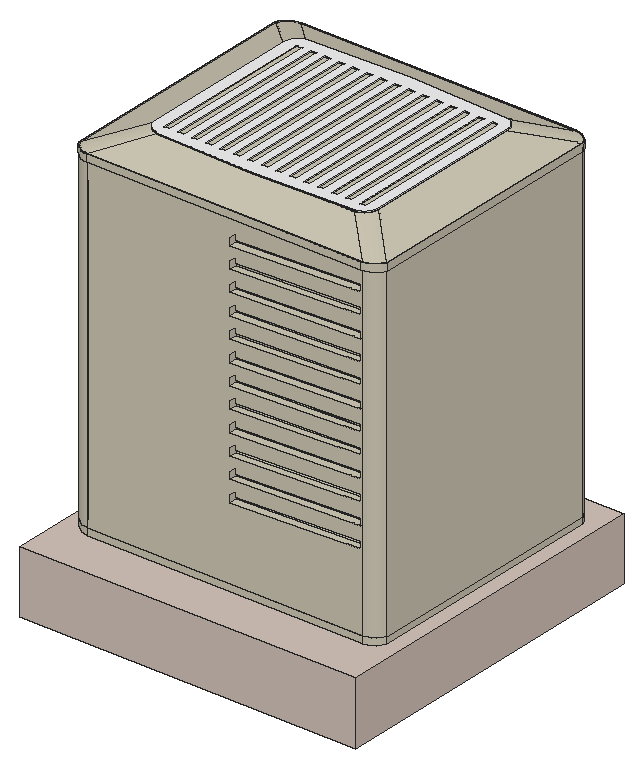
Revit family "HVAC-Condenser_Res", category Mechanical Equipment, Revit 2026
Family settings
  Round Connector Dimension = Use Diameter
  Part Type = Normal
  Classification Number = 23.75.10.24.21.11
  Work Plane-Based = Yes
  Always vertical = Yes
  Cut with Voids When Loaded = No
  Maintain Annotation Orientation = No
  Shared = No
  Room Calculation Point = No
Parameters (values of type "1 Ton")
  Width = 2' - 0"
  Warranty Duration (Years) = 10
  Test Data = ""
  Specification = "http://www.arcat.com/divs/sec/sec15670.shtml"
  Sound Level (dB) = 60
  Sales Information = ""
  SEER Rating = 15
  Riser Material [instance] = ARCAT - Concrete - Cast In Place
  Riser Height = 0' - 4 1/2"
  Refrigerant = ARCAT - Refrigerant - R 410A
  Product Properties = "http://www.arcat.com/bim/bim_info.pl?fn=HVAC-Condenser_Res"
  Product Data = "http://www.arcat.com/divs/sec/sec15670.shtml"
  Model = "Generic"  # constant formula
  Manufacturer Website = "http://www.arcat.com/"
  Manufacturer Phone - Toll Free = ""
  Manufacturer Phone = "(203) 929-9444"  # constant formula
  Manufacturer Fax = "(203) 939-2444"  # constant formula
  Manufacturer Email = "bim@arcat.com"  # constant formula
  Manufacturer Address = "1077 Bridgeport Ave, Shelton, CT  06484"  # constant formula
  Manufacturer = "Generic"  # constant formula
  Maintenance Schedule (Months) = 12
  Keynote = "15670"
  Intake Material = ARCAT - Steel Rod - Chrome Plated
  Installation_Fabricaton = ""
  Installation Phase = ""
  Height = 2' - 6"
  Green Building-LEED = "http://www.arcat.com/green/green_building.shtml"
  Expected Lifespan (Years) = 15
  Drawn By = "Robert S. Weygant. CSI, CDT, SCIP"  # constant formula
  Description = "Residential HVAC Condensing Unit - 1 Ton"
  Depth = 2' - 0"
  Default Elevation = 4' - 0"
  Copyright = "2008, ARCAT, Inc."  # constant formula
  Cooling Capacity [instance] = 1
  Construction Details = "http://www.arcat.com/divs/sec/sec15670.shtml"
  Compressor Type = "Scroll"
  Case Material = ARCAT - Metal - Aluminum - Tan
  Building Codes = ""
  Assembly Code = "D3030"
Types (5): name | Description | Cooling Capacity
  (no name) | "Residential HVAC Condensing Unit - 1 Ton" | 1
  1 Ton | "Residential HVAC Condensing Unit - 1 Ton" | 1
  1.5 Ton | "Residential HVAC Condensing Unit - 1.5 Ton" | 1.5
  2 Ton | "Residential HVAC Condensing Unit - 2 Ton" | 2
  3 Ton | "Residential HVAC Condensing Unit - 3 Ton" | 3
Reference planes (in)
  plane 1 "Center (Front/Back)": y = 0
  plane 2: z = 0
  plane 3 "Center (Left/Right)": x = 0.0408
  plane 4 "Connection Level": z = 25.60938
  plane 5 "Connection Plane": y = 11.09733
Forms (in)
  Extrusion 1, solid, material "ARCAT - Metal - Aluminum - Tan" <- "Case Material"
    sketch origin (-11, -10, 0) x (1, 0, 0) y (0, 1, 0)
      loop
        line (22, 1.24041) -> (22, 18.75959)
        arc (22, 18.75959) -> (21.54702, 19.29606) -> (20.88797, 19.53824) r 1.37227
        arc (20.88797, 19.53824) -> (11.04092, 20) -> (1.19362, 19.54344) r 105.82231
        arc (1.19362, 19.54344) -> (0.48682, 19.31901) -> (0, 18.75959) r 1.37227
        line (0, 18.75959) -> (0, 1.24041)
        arc (0, 1.24041) -> (0.48682, 0.68099) -> (1.19362, 0.45656) r 1.37227
        arc (1.19362, 0.45656) -> (11.04092, 0) -> (20.88797, 0.46176) r 105.82231
        arc (20.88797, 0.46176) -> (21.54702, 0.70394) -> (22, 1.24041) r 1.37227
    from 0 to 0.5
  Extrusion 2, solid, material "ARCAT - Metal - Aluminum - Tan" <- "Case Material"
    sketch origin (-11, -10, 0.5) x (1, 0, 0) y (0, 1, 0)
      loop
        line (22, 1.24041) -> (22, 18.75959)
        arc (22, 18.75959) -> (21.54702, 19.29606) -> (20.88797, 19.53824) r 1.37227
        arc (20.88797, 19.53824) -> (11.04092, 20) -> (1.19362, 19.54344) r 105.82231
        arc (1.19362, 19.54344) -> (0.48682, 19.31901) -> (0, 18.75959) r 1.37227
        line (0, 18.75959) -> (0, 1.24041)
        arc (0, 1.24041) -> (0.48682, 0.68099) -> (1.19362, 0.45656) r 1.37227
        arc (1.19362, 0.45656) -> (11.04092, 0) -> (20.88797, 0.46176) r 105.82231
        arc (20.88797, 0.46176) -> (21.54702, 0.70394) -> (22, 1.24041) r 1.37227
      loop
        arc (1.22367, 0.95592) -> (11.03258, 0.5) -> (20.84131, 0.95958) r 105.32231
        arc (20.84131, 0.95958) -> (21.21826, 1.0859) -> (21.5, 1.36638) r 0.87227
        line (21.5, 1.36638) -> (21.5, 18.63362)
        arc (21.5, 18.63362) -> (21.21826, 18.9141) -> (20.84131, 19.04042) r 0.87227
        arc (20.84131, 19.04042) -> (11.03258, 19.5) -> (1.22367, 19.04408) r 105.32231
        arc (1.22367, 19.04408) -> (0.80975, 18.93068) -> (0.5, 18.63362) r 0.87227
        line (0.5, 18.63362) -> (0.5, 1.36638)
        arc (0.5, 1.36638) -> (0.80975, 1.06932) -> (1.22367, 0.95592) r 0.87227
    from 0 to 24
  Blend 3, solid, material "ARCAT - Metal - Aluminum - Tan" <- "Case Material"
    base sketch origin (0, 0, 24.5) x (1, 0, 0) y (0, 1, 0)
      loop
        arc (9.88797, -9.53824) -> (10.54702, -9.29606) -> (11, -8.75959) r 1.37227
        line (11, -8.75959) -> (11, 8.75959)
        arc (11, 8.75959) -> (10.51587, 9.30006) -> (9.83232, 9.54344) r 1.47139
        arc (9.83232, 9.54344) -> (0.01297, 10) -> (-9.80638, 9.54344) r 105.82231
        arc (-9.80638, 9.54344) -> (-10.51318, 9.31901) -> (-11, 8.75959) r 1.37227
        line (-11, 8.75959) -> (-11, -8.75959)
        arc (-11, -8.75959) -> (-10.5318, -9.29621) -> (-9.86203, -9.53824) r 1.42085
        arc (-9.86203, -9.53824) -> (0.01297, -10) -> (9.88797, -9.53824) r 105.82231
    top sketch origin (0, 0, 24.5) x (1, 0, 0) y (0, 1, 0)
      loop
        arc (-7.1365, 6.75114) -> (-7.75387, 6.41701) -> (-8, 5.75959) r 1.00104
        line (-8, 5.75959) -> (-8, -5.75959)
        arc (-8, -5.75959) -> (-7.75387, -6.41701) -> (-7.1365, -6.75114) r 1.00104
        arc (-7.1365, -6.75114) -> (-0.01759, -7) -> (7.10146, -6.75537) r 102.82231
        arc (7.10146, -6.75537) -> (7.74216, -6.43022) -> (8, -5.75959) r 1.00104
        line (8, -5.75959) -> (8, 5.75959)
        arc (8, 5.75959) -> (7.74216, 6.43022) -> (7.10146, 6.75537) r 1.00104
        arc (7.10146, 6.75537) -> (-0.01759, 7) -> (-7.1365, 6.75114) r 102.82231
    from 0 to 1
  Extrusion 4, solid, material "ARCAT - Metal - Brass"
    sketch origin (-18.22449, 11.09733, -6.75216) x (0, 0, -1) y (1, 0, 0)
      loop
        circle (-8.37716, 10.09733) r 0.34469
    from 0 to 1.5
  Extrusion 5, solid, material "ARCAT - Metal - Brass"
    sketch origin (3.72017, 9.65983, -6.75216) x (0, 0, -1) y (-1, 0, 0)
      loop
        circle (-8.37716, 10.09733) r 0.25
    from 0 to 1.4375
  Extrusion 6, solid, material "ARCAT - Metal - Aluminum - Tan" <- "Case Material"
    sketch origin (-0.01533, 10.19777, 0) x (0.998259, 0.058976, 0) y (0, 0, 1)
      loop
        arc (-8.80893, 2.93212) -> (-8.9857, 2.85889) -> (-9.05893, 2.68212) r 0.25
        line (-9.05893, 2.68212) -> (-9.05893, 0.75)
        arc (-9.05893, 0.75) -> (-8.9857, 0.57322) -> (-8.80893, 0.5) r 0.25
        line (-8.80893, 0.5) -> (-5.68118, 0.5)
        arc (-5.68118, 0.5) -> (-5.5044, 0.57322) -> (-5.43118, 0.75) r 0.25
        line (-5.43118, 0.75) -> (-5.43118, 2.68212)
        arc (-5.43118, 2.68212) -> (-5.5044, 2.85889) -> (-5.68118, 2.93212) r 0.25
        line (-5.68118, 2.93212) -> (-8.80893, 2.93212)
    from 0 to 0.0625
  Extrusion 7, solid, material "ARCAT - Metal - Aluminum - Tan" <- "Case Material"
    sketch origin (0, 0, 24) x (1, 0, 0) y (0, 1, 0)
      loop
        arc (-11, -8.75959) -> (-10.51318, -9.31901) -> (-9.80638, -9.54344) r 1.37227
        arc (-9.80638, -9.54344) -> (0, -10.00001) -> (9.80638, -9.54344) r 105.54253
        arc (9.80638, -9.54344) -> (10.51318, -9.31901) -> (11, -8.75959) r 1.37227
        line (11, -8.75959) -> (11, 8.75959)
        arc (11, 8.75959) -> (10.51318, 9.31901) -> (9.80638, 9.54344) r 1.37227
        arc (9.80638, 9.54344) -> (0, 10.00001) -> (-9.80638, 9.54344) r 105.54253
        arc (-9.80638, 9.54344) -> (-10.51318, 9.31901) -> (-11, 8.75959) r 1.37227
        line (-11, 8.75959) -> (-11, -8.75959)
      loop
        arc (-9.81036, 9.60584) -> (-10.55419, 9.36682) -> (-11.0625, 8.77349) r 1.43477
        line (-11.0625, 8.77349) -> (-11.0625, -8.77349)
        arc (-11.0625, -8.77349) -> (-10.55419, -9.36682) -> (-9.81036, -9.60584) r 1.43477
        arc (-9.81036, -9.60584) -> (0, -10.06251) -> (9.81036, -9.60584) r 105.60503
        arc (9.81036, -9.60584) -> (10.55419, -9.36682) -> (11.0625, -8.77349) r 1.43477
        line (11.0625, -8.77349) -> (11.0625, 8.77349)
        arc (11.0625, 8.77349) -> (10.55419, 9.36682) -> (9.81036, 9.60584) r 1.43477
        arc (9.81036, 9.60584) -> (0, 10.06251) -> (-9.81036, 9.60584) r 105.60503
    from 0 to 0.5
  Extrusion 8, solid, material "ARCAT - Steel Rod - Chrome Plated" <- "Intake Material"
    sketch origin (0, 0, 25.54687) x (1, 0, 0) y (0, 1, 0)
      loop
        line (-8, 5.75959) -> (-8, -5.75959)
        arc (-8, -5.75959) -> (-7.73425, -6.43837) -> (-7.07828, -6.75628) r 0.99974
        arc (-7.07828, -6.75628) -> (-3.53943, -6.88631) -> (0, -6.99946) r 742.17795
        arc (0, -6.99946) -> (3.55102, -6.88591) -> (7.10146, -6.75537) r 742.17795
        arc (7.10146, -6.75537) -> (7.74216, -6.43022) -> (8, -5.75959) r 1.00104
        line (8, -5.75959) -> (8, 5.75959)
        arc (8, 5.75959) -> (7.74216, 6.43022) -> (7.10146, 6.75537) r 1.00104
        arc (7.10146, 6.75537) -> (3.55102, 6.88591) -> (0, 6.99946) r 742.17795
        arc (0, 6.99946) -> (-3.53943, 6.88631) -> (-7.07828, 6.75628) r 742.17795
        arc (-7.07828, 6.75628) -> (-7.73425, 6.43837) -> (-8, 5.75959) r 0.99974
      loop
        line (-7.17519, 5.88768) -> (-7.17519, -6.00959) -> (-6.74322, -6.00959) -> (-6.74322, 5.88768) -> (-7.17519, 5.88768)
      loop
        line (-6.17519, 5.88768) -> (-6.17519, -6.00959) -> (-5.74322, -6.00959) -> (-5.74322, 5.88768) -> (-6.17519, 5.88768)
      loop
        line (-5.17519, 5.88768) -> (-5.17519, -6.00959) -> (-4.74322, -6.00959) -> (-4.74322, 5.88768) -> (-5.17519, 5.88768)
      loop
        line (-4.17519, 5.88768) -> (-4.17519, -6.00959) -> (-3.74322, -6.00959) -> (-3.74322, 5.88768) -> (-4.17519, 5.88768)
      loop
        line (-3.17519, 5.88768) -> (-3.17519, -6.00959) -> (-2.74322, -6.00959) -> (-2.74322, 5.88768) -> (-3.17519, 5.88768)
      loop
        line (-2.17519, 5.88768) -> (-2.17519, -6.00959) -> (-1.74322, -6.00959) -> (-1.74322, 5.88768) -> (-2.17519, 5.88768)
      loop
        line (-1.17519, 5.88768) -> (-1.17519, -6.00959) -> (-0.74322, -6.00959) -> (-0.74322, 5.88768) -> (-1.17519, 5.88768)
      loop
        line (-0.17519, 5.88768) -> (-0.17519, -6.00959) -> (0.25678, -6.00959) -> (0.25678, 5.88768) -> (-0.17519, 5.88768)
      loop
        line (0.82481, 5.88768) -> (0.82481, -6.00959) -> (1.25678, -6.00959) -> (1.25678, 5.88768) -> (0.82481, 5.88768)
      loop
        line (1.82481, 5.88768) -> (1.82481, -6.00959) -> (2.25678, -6.00959) -> (2.25678, 5.88768) -> (1.82481, 5.88768)
      loop
        line (2.82481, 5.88768) -> (2.82481, -6.00959) -> (3.25678, -6.00959) -> (3.25678, 5.88768) -> (2.82481, 5.88768)
      loop
        line (3.82481, 5.88768) -> (3.82481, -6.00959) -> (4.25678, -6.00959) -> (4.25678, 5.88768) -> (3.82481, 5.88768)
      loop
        line (4.82481, 5.88768) -> (4.82481, -6.00959) -> (5.25678, -6.00959) -> (5.25678, 5.88768) -> (4.82481, 5.88768)
      loop
        line (5.82481, 5.88768) -> (5.82481, -6.00959) -> (6.25678, -6.00959) -> (6.25678, 5.88768) -> (5.82481, 5.88768)
      loop
        line (6.82481, 5.88768) -> (6.82481, -6.00959) -> (7.25678, -6.00959) -> (7.25678, 5.88768) -> (6.82481, 5.88768)
    from 0 to 0.0625
  Extrusion 9, solid, material "ARCAT - Concrete - Cast In Place" <- "Riser Material"
    sketch origin (0, 0, -4.5) x (1, 0, 0) y (0, 1, 0)
      loop
        line (-11.9592, 11.09733) -> (-11.9592, -12.90267) -> (12.0408, -12.90267) -> (12.0408, 11.09733) -> (-11.9592, 11.09733)
    from 0 to 4.5 <- "Riser Height"
  Extrusion 10, void
    sketch origin (0, -9.24676, 0) x (0, 0, -1) y (-1, 0, 0)
      loop
        line (-23.0254, -0.7469) -> (-23.0254, -9.7469) -> (-22.5254, -9.7469) -> (-22.5254, -0.7469) -> (-23.0254, -0.7469)
    from -1.29389 to 4.5
  Extrusion 11, void
    sketch origin (0, -9.24676, -1.5) x (0, 0, -1) y (-1, 0, 0)
      loop
        line (-23.0254, -0.7469) -> (-23.0254, -9.7469) -> (-22.5254, -9.7469) -> (-22.5254, -0.7469) -> (-23.0254, -0.7469)
    from -1.29389 to 4.5
  Extrusion 12, void
    sketch origin (0, -9.24676, -3) x (0, 0, -1) y (-1, 0, 0)
      loop
        line (-23.0254, -0.7469) -> (-23.0254, -9.7469) -> (-22.5254, -9.7469) -> (-22.5254, -0.7469) -> (-23.0254, -0.7469)
    from -1.29389 to 4.5
  Extrusion 13, void
    sketch origin (0, -9.24676, -4.5) x (0, 0, -1) y (-1, 0, 0)
      loop
        line (-23.0254, -0.7469) -> (-23.0254, -9.7469) -> (-22.5254, -9.7469) -> (-22.5254, -0.7469) -> (-23.0254, -0.7469)
    from -1.29389 to 4.5
  Extrusion 14, void
    sketch origin (0, -9.24676, -6) x (0, 0, -1) y (-1, 0, 0)
      loop
        line (-23.0254, -0.7469) -> (-23.0254, -9.7469) -> (-22.5254, -9.7469) -> (-22.5254, -0.7469) -> (-23.0254, -0.7469)
    from -1.29389 to 4.5
  Extrusion 15, void
    sketch origin (0, -9.24676, -7.5) x (0, 0, -1) y (-1, 0, 0)
      loop
        line (-23.0254, -0.7469) -> (-23.0254, -9.7469) -> (-22.5254, -9.7469) -> (-22.5254, -0.7469) -> (-23.0254, -0.7469)
    from -1.29389 to 4.5
  Extrusion 16, void
    sketch origin (0, -9.24676, -9) x (0, 0, -1) y (-1, 0, 0)
      loop
        line (-23.0254, -0.7469) -> (-23.0254, -9.7469) -> (-22.5254, -9.7469) -> (-22.5254, -0.7469) -> (-23.0254, -0.7469)
    from -1.29389 to 4.5
  Extrusion 17, void
    sketch origin (0, -9.24676, -10.5) x (0, 0, -1) y (-1, 0, 0)
      loop
        line (-23.0254, -0.7469) -> (-23.0254, -9.7469) -> (-22.5254, -9.7469) -> (-22.5254, -0.7469) -> (-23.0254, -0.7469)
    from -1.29389 to 4.5
  Extrusion 18, void
    sketch origin (0, -9.24676, -12) x (0, 0, -1) y (-1, 0, 0)
      loop
        line (-23.0254, -0.7469) -> (-23.0254, -9.7469) -> (-22.5254, -9.7469) -> (-22.5254, -0.7469) -> (-23.0254, -0.7469)
    from -1.29389 to 4.5
  Extrusion 19, void
    sketch origin (0, -9.24676, -13.5) x (0, 0, -1) y (-1, 0, 0)
      loop
        line (-23.0254, -0.7469) -> (-23.0254, -9.7469) -> (-22.5254, -9.7469) -> (-22.5254, -0.7469) -> (-23.0254, -0.7469)
    from -1.29389 to 4.5
  Extrusion 20, void
    sketch origin (0, -9.24676, -15) x (0, 0, -1) y (-1, 0, 0)
      loop
        line (-23.0254, -0.7469) -> (-23.0254, -9.7469) -> (-22.5254, -9.7469) -> (-22.5254, -0.7469) -> (-23.0254, -0.7469)
    from -1.29389 to 4.5
  Extrusion 21, void
    sketch origin (0, -9.24676, -16.5) x (0, 0, -1) y (-1, 0, 0)
      loop
        line (-23.0254, -0.7469) -> (-23.0254, -9.7469) -> (-22.5254, -9.7469) -> (-22.5254, -0.7469) -> (-23.0254, -0.7469)
    from -1.29389 to 4.5
Cuts and joins
  Extrusion 10, Extrusion 11, Extrusion 12, Extrusion 13, Extrusion 14, Extrusion 15, Extrusion 16, Extrusion 17, Extrusion 18, Extrusion 19, Extrusion 20, Extrusion 21 cuts Extrusion 2
Dimensions and locks (in)
  "Riser Height": plane 2 to level
  "Depth": Extrusion 9 to Extrusion 9
  "Width": Extrusion 9 to Extrusion 9
  equal spacing: Extrusion 9, plane 3 "Center (Left/Right)", Extrusion 9
  equal spacing: group 1, group 2, group 3, group 4, group 5, group 6, group 7, group 8, group 9, group 10, group 11, group 12  (x2)
  equal spacing: group 12, group 11, group 10, group 9, group 8, group 7, group 6, group 5, group 4, group 3, group 2, group 1
  aligned and locked: Extrusion 4 to Extrusion 5
  aligned and locked: plane 5 "Connection Plane" to Extrusion 4  (x2)
  aligned and locked: Extrusion 5 to plane 5 "Connection Plane"
  aligned and locked: Extrusion 1 to plane 2
Automatic sketch dimensions
  Extrusion 1 sketch curve to Extrusion 1 sketch curve = 0' - 1.19362"  (x2)
  Extrusion 1 sketch curve to Extrusion 1 sketch curve = 0' - 0.04646"
  Extrusion 1 sketch curve to Extrusion 1 sketch curve = 0' - 1.24008"  (x2)
  Extrusion 1 sketch curve to Extrusion 1 sketch curve = 0' - 0.12806"  (x2)
  Extrusion 1 sketch curve to Extrusion 1 sketch curve = 0' - 0"  (x2)
  Extrusion 1 sketch curve to Extrusion 1 sketch curve = 0' - 1.11203"
  Extrusion 1 sketch curve to Extrusion 1 sketch curve = 0' - 0.58763"
  Extrusion 1 sketch curve to Extrusion 1 sketch curve = 7' - 2.27887"
  Extrusion 1 sketch curve to Extrusion 1 sketch curve = 0' - 1.37148"
  Blend 3 sketch curve to Blend 3 sketch curve = 0' - 1.13797"
  Blend 3 sketch curve to Blend 3 sketch curve = 0' - 0"  (x3)
  Blend 3 sketch curve to Blend 3 sketch curve = 0' - 1.19362"
  Blend 3 sketch curve to Blend 3 sketch curve = 0' - 0.04646"
  Blend 3 sketch curve to Blend 3 sketch curve = 0' - 1.27056"
  Blend 3 sketch curve to Blend 3 sketch curve = 0' - 0.13653"
  Blend 3 sketch curve to Blend 3 sketch curve = 0' - 0.12806"
  Blend 3 sketch curve to Blend 3 sketch curve = 0' - 1.16768"
  Blend 3 sketch curve to Blend 3 sketch curve = 7' - 2.28407"
  Blend 3 sketch curve to Blend 3 sketch curve = 0' - 0.8635"  (x2)
  Blend 3 sketch curve to Blend 3 sketch curve = 0' - 1.00104"  (x3)
  Blend 3 sketch curve to Blend 3 sketch curve = 0' - 0.1025"  (x2)
  Blend 3 sketch curve to Blend 3 sketch curve = 0' - 0.99155"  (x2)
  Extrusion 6 sketch curve to Extrusion 6 sketch curve = 0' - 0 1/4"  (x3)
  Extrusion 6 sketch curve to Extrusion 6 sketch curve = 0' - 3.12775"
  Extrusion 6 sketch curve to Extrusion 6 sketch curve = 0' - 0"
  Extrusion 6 sketch curve to Extrusion 6 sketch curve = 0' - 1.93212"
  Extrusion 7 sketch curve to Extrusion 7 sketch curve = 0' - 0"  (x24)
  Extrusion 7 sketch curve to Extrusion 7 sketch curve = 0' - 0.04646"  (x4)
  Extrusion 7 sketch curve to Extrusion 7 sketch curve = 0' - 0.00399"  (x4)
  Extrusion 7 sketch curve to Extrusion 7 sketch curve = 0' - 1.24008"  (x3)
  Extrusion 7 sketch curve to Extrusion 7 sketch curve = 0' - 0 1/16"  (x2)
  Extrusion 7 sketch curve to Extrusion 7 sketch curve = 0' - 0.58763"  (x2)
  Extrusion 7 sketch curve to Extrusion 7 sketch curve = 0' - 0.01389"  (x2)
  Extrusion 7 sketch curve to Extrusion 7 sketch curve = 7' - 1.93668"  (x2)
  Extrusion 1 sketch curve to Extrusion 1 sketch curve = 0' - 9.81935"  (x2)
  Extrusion 1 sketch curve to Extrusion 1 sketch curve = 1' - 7.51983"
  Extrusion 1 sketch curve to Extrusion 1 sketch curve = 0' - 0.0052"
  Extrusion 1 sketch curve to Extrusion 1 sketch curve = 1' - 4.34393"
  Blend 3 sketch curve to Blend 3 sketch curve = 0' - 9.81935"
  Blend 3 sketch curve to Blend 3 sketch curve = 0' - 9 7/8"
  Blend 3 sketch curve to Blend 3 sketch curve = 1' - 7.4557"
  Blend 3 sketch curve to Blend 3 sketch curve = 0' - 1.24008"
  Blend 3 sketch curve to Blend 3 sketch curve = 0' - 0.77865"
  Blend 3 sketch curve to Blend 3 sketch curve = 1' - 4.25036"
  Blend 3 sketch curve to Blend 3 sketch curve = 0' - 1.37148"
  Blend 3 sketch curve to Blend 3 sketch curve = 0' - 7.14947"  (x2)
  Blend 3 sketch curve to Blend 3 sketch curve = 1' - 1.99791"
  Blend 3 sketch curve to Blend 3 sketch curve = 7' - 5.06694"
  Blend 3 sketch curve to Blend 3 sketch curve = 0' - 11.51918"
  Extrusion 7 sketch curve to Extrusion 7 sketch curve = 0' - 1.18964"
  Extrusion 7 sketch curve to Extrusion 7 sketch curve = 0' - 9.81036"  (x2)
  Extrusion 7 sketch curve to Extrusion 7 sketch curve = 1' - 7.51983"
  Extrusion 7 sketch curve to Extrusion 7 sketch curve = 0' - 0.0624"
  Extrusion 7 sketch curve to Extrusion 7 sketch curve = 1' - 4.34393"  (x2)
  Extrusion 9 sketch curve to plane 5 "Connection Plane" = 0' - 0"
  Extrusion 9 sketch curve to plane 3 "Center (Left/Right)" = 1' - 0"
  plane 3 "Center (Left/Right)" to Extrusion 9 sketch curve = 1' - 0"
  plane 1 "Center (Front/Back)" to Extrusion 9 sketch curve = 1' - 0.90267"
  Extrusion 1 sketch curve to plane 3 "Center (Left/Right)" = 0' - 11.0408"
  plane 1 "Center (Front/Back)" to Extrusion 1 sketch curve = 7' - 11.82231"
  plane 5 "Connection Plane" to Blend 3 sketch curve = 0' - 2.33774"
  Blend 3 sketch curve to plane 3 "Center (Left/Right)" = 0' - 11.0408"
  Blend 3 sketch curve to plane 3 "Center (Left/Right)" = 0' - 8.0408"
  plane 1 "Center (Front/Back)" to Blend 3 sketch curve = 7' - 11.82231"
  plane 2 to Extrusion 4 sketch curve = 0' - 1 5/8"
  Extrusion 4 sketch curve to plane 3 "Center (Left/Right)" = 0' - 8 43/256"
  plane 2 to Extrusion 5 sketch curve = 0' - 1 5/8"
  Extrusion 5 sketch curve to plane 3 "Center (Left/Right)" = 0' - 6 107/256"
  plane 2 to Extrusion 6 sketch curve = 0' - 0 3/4"
  Extrusion 7 sketch curve to plane 3 "Center (Left/Right)" = 0' - 11.1033"
  plane 1 "Center (Front/Back)" to Extrusion 7 sketch curve = 7' - 11.54252"
  Extrusion 2 sketch curve to Extrusion 2 sketch curve = 0' - 0"  (x16)
  plane 5 "Connection Plane" to Extrusion 2 sketch curve = 0' - 2.33774"
  Extrusion 2 sketch curve to Extrusion 2 sketch curve = 0' - 0 1/2"  (x2)
  Extrusion 2 sketch curve to Extrusion 2 sketch curve = 0' - 0.69362"  (x2)
  Extrusion 2 sketch curve to Extrusion 2 sketch curve = 0' - 0.03005"  (x2)
  Extrusion 2 sketch curve to Extrusion 2 sketch curve = 0' - 0.74008"  (x2)
  Extrusion 2 sketch curve to plane 3 "Center (Left/Right)" = 0' - 0.02783"  (x2)
  plane 5 "Connection Plane" to Extrusion 2 sketch curve = 0' - 2.92536"
  plane 3 "Center (Left/Right)" to Extrusion 2 sketch curve = 0' - 9.71912"  (x2)
  Extrusion 2 sketch curve to Extrusion 2 sketch curve = 0' - 0.0814"  (x2)
  Extrusion 2 sketch curve to Extrusion 2 sketch curve = 0' - 0.04666"  (x2)
  plane 1 "Center (Front/Back)" to Extrusion 2 sketch curve = 0' - 8.17196"  (x2)
  Extrusion 2 sketch curve to Extrusion 2 sketch curve = 0' - 0.46165"
  Extrusion 2 sketch curve to Extrusion 2 sketch curve = 0' - 0.12597"  (x2)
  Extrusion 2 sketch curve to Extrusion 2 sketch curve = 7' - 2.27887"
  Extrusion 8 sketch curve to plane 3 "Center (Left/Right)" = 1' - 9.98403"  (x2)
  Extrusion 8 sketch curve to plane 3 "Center (Left/Right)" = 0' - 8.0408"
  Extrusion 8 sketch curve to Extrusion 8 sketch curve = 0' - 0.82481"
  Extrusion 8 sketch curve to Extrusion 8 sketch curve = 0' - 0.0969"  (x2)
  Extrusion 8 sketch curve to Extrusion 8 sketch curve = 0' - 0.43197"  (x13)
  Extrusion 8 sketch curve to Extrusion 8 sketch curve = 0' - 0.25704"  (x2)
  Extrusion 8 sketch curve to Extrusion 8 sketch curve = 0' - 0.56803"  (x12)
  Extrusion 8 sketch curve to plane 3 "Center (Left/Right)" = 0' - 0.21598"
  plane 3 "Center (Left/Right)" to Extrusion 8 sketch curve = 0' - 0.21598"
  Extrusion 8 sketch curve to plane 3 "Center (Left/Right)" = 0' - 0.0408"  (x2)
  plane 3 "Center (Left/Right)" to Extrusion 8 sketch curve = 0' - 0.78402"
  Extrusion 8 sketch curve to Extrusion 8 sketch curve = 0' - 0.17414"  (x2)
  Extrusion 8 sketch curve to Extrusion 8 sketch curve = 0' - 0 33/128"
  Extrusion 8 sketch curve to Extrusion 8 sketch curve = 0' - 0.15532"  (x2)
  plane 3 "Center (Left/Right)" to Extrusion 8 sketch curve = 1' - 9.90243"  (x2)
  plane 1 "Center (Front/Back)" to Extrusion 8 sketch curve = 61' - 2.85403"
  Extrusion 8 sketch curve to Extrusion 8 sketch curve = 0' - 0"  (x25)
  plane 1 "Center (Front/Back)" to Extrusion 8 sketch curve = 0' - 6.99946"
  plane 1 "Center (Front/Back)" to Extrusion 8 sketch curve = 0' - 6.75628"
  plane 1 "Center (Front/Back)" to Extrusion 8 sketch curve = 0' - 6.75537"
  Extrusion 8 sketch curve to Extrusion 8 sketch curve = 0' - 0 1/4"  (x3)
  Extrusion 8 sketch curve to Extrusion 8 sketch curve = 0' - 0.98986"
  plane 5 "Connection Plane" to Extrusion 8 sketch curve = 0' - 5.33774"
  Extrusion 8 sketch curve to Extrusion 8 sketch curve = 0' - 1.11177"
  Extrusion 8 sketch curve to Extrusion 8 sketch curve = 0' - 0.12809"
  Extrusion 8 sketch curve to Extrusion 8 sketch curve = 0' - 0.74322"
  Extrusion 10 sketch curve to Extrusion 10 sketch curve = 0' - 0 1/2"
  Extrusion 10 sketch curve to Extrusion 10 sketch curve = 0' - 9"
  Extrusion 11 sketch curve to Extrusion 11 sketch curve = 0' - 0 1/2"
  Extrusion 11 sketch curve to Extrusion 11 sketch curve = 0' - 9"
  Extrusion 12 sketch curve to Extrusion 12 sketch curve = 0' - 0 1/2"
  Extrusion 12 sketch curve to Extrusion 12 sketch curve = 0' - 9"
  Extrusion 13 sketch curve to Extrusion 13 sketch curve = 0' - 0 1/2"
  Extrusion 13 sketch curve to Extrusion 13 sketch curve = 0' - 9"
  Extrusion 14 sketch curve to Extrusion 14 sketch curve = 0' - 0 1/2"
  Extrusion 14 sketch curve to Extrusion 14 sketch curve = 0' - 9"
  Extrusion 15 sketch curve to Extrusion 15 sketch curve = 0' - 0 1/2"
  Extrusion 15 sketch curve to Extrusion 15 sketch curve = 0' - 9"
  Extrusion 16 sketch curve to Extrusion 16 sketch curve = 0' - 0 1/2"
  Extrusion 16 sketch curve to Extrusion 16 sketch curve = 0' - 9"
  Extrusion 17 sketch curve to Extrusion 17 sketch curve = 0' - 0 1/2"
  Extrusion 17 sketch curve to Extrusion 17 sketch curve = 0' - 9"
  Extrusion 18 sketch curve to Extrusion 18 sketch curve = 0' - 0 1/2"
  Extrusion 18 sketch curve to Extrusion 18 sketch curve = 0' - 9"
  Extrusion 19 sketch curve to Extrusion 19 sketch curve = 0' - 0 1/2"
  Extrusion 19 sketch curve to Extrusion 19 sketch curve = 0' - 9"
  Extrusion 20 sketch curve to Extrusion 20 sketch curve = 0' - 0 1/2"
  Extrusion 20 sketch curve to Extrusion 20 sketch curve = 0' - 9"
  Extrusion 21 sketch curve to Extrusion 21 sketch curve = 0' - 0 1/2"
  Extrusion 21 sketch curve to Extrusion 21 sketch curve = 0' - 9"
  radius of Extrusion 4 sketch curve = 0' - 0.34469"
  radius of Extrusion 5 sketch curve = 0' - 0 1/4"
